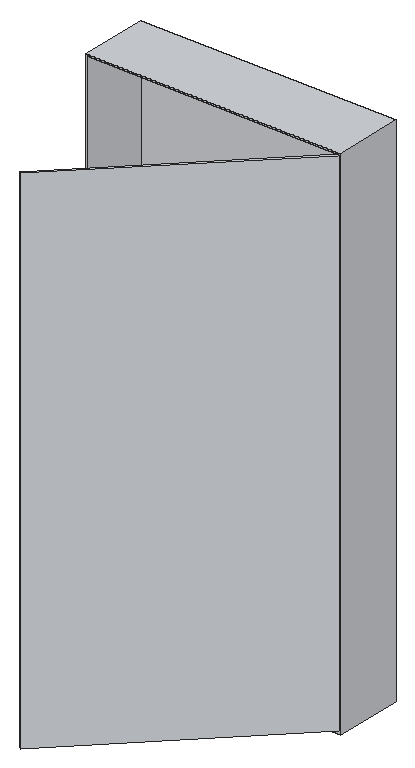
Revit family "Hager-Typ.B_TP&N_250A_Side_Extension_Boxes-empty-NoHosted-UK-en", category Electrical Equipment, Revit 2020
Family settings
  Panel Configuration = Two Columns, Circuits Across
  Round Connector Dimension = Use Diameter
  Part Type = Panelboard
  Work Plane-Based = Yes
  Always vertical = Yes
  Cut with Voids When Loaded = No
  Shared = No
  Room Calculation Point = No
Parameters (values of type "Surface mounted P2XC W465 H950 D124.5 0 Modular spacings - JK208BSF")
  Width Control [instance] = if([HG000006 - Flush mounted], if([EF000846 - Built-in width] > min_whd, [EF000846 - Built-in width], min_whd), if([EF000008 - Width] > min_whd, ([EF000008 - Width]), min_whd))  # 465 mm
  Void Depth [instance] = if([EF000218 - Built-in depth] > 1 mm, [EF000218 - Built-in depth], 1 mm)  # 1 mm
  Type Comments = [HG000003 - Range]  # "Type B TP&N Distribution Boards"
  System Height [instance] = Height Control - 2 * [HG000005 - Thickness]  # 944 mm
  Panel Name [instance] = ""  # (empty or 0)
  Offset [instance] = 0 mm
  Model = [HG000004 - Manufacturer reference]  # "JK208BSF"
  Level Offset [instance] = [Flush Mounted - Door Frame Width] + Offset  # 0 mm
  HG000017 - Distance between poles = 18 mm
  HG000016 - Door 3d visibility [instance] = yes
  HG000015 - Clearance visibility [instance] = no
  HG000014 - Door on the right [instance] = yes
  HG000013 - Door on the left [instance] = not([HG000014 - Door on the right])  # no
  HG000012 - Door swing angle [instance] = 45.00°
  HG000011 - Empty rows from bottom = no
  HG000010 - Asymmetric doors = no
  HG000009 - Double swing door = no
  HG000008 - Number of empty rows = 0
  HG000007 - Number of empty columns = 0
  HG000006 - Flush mounted = no
  HG000005 - Thickness = 3 mm  # constant formula
  HG000004 - Manufacturer reference = "JK208BSF"
  HG000003 - Range = "Type B TP&N Distribution Boards"
  HG000002 - With door or cover = yes
  HG000001 - Number of columns = 0
  EF015941 - Signal passing door = no
  EF015777 - Neutral terminal block = yes
  EF015776 - Earthing terminal block = yes
  EF009212 - Cover model = ""
  EF006306 - With lock = no
  EF006244 - Transparent cover/door = no
  EF005474 - Degree of protection (IP) = "EV009848 - IP2XC"
  EF004462 - Type of closure = "EV000154 - Other"
  EF002950 - Width in number of modular spacings = 0
  EF001596 - Material housing = "EV000179 - Steel"
  EF001134 - DIN-rail = no
  EF001131 - Internal depth = 0 mm
  EF001088 - Extension possible = no
  EF001062 - EMC-version = no
  EF000846 - Built-in width = 0 mm
  EF000339 - Type of cover = "EV004216 - Door"
  EF000332 - Built-in height = 0 mm
  EF000266 - Number of rows = 0
  EF000218 - Built-in depth = 0 mm
  EF000118 - With mounting plate = no
  EF000116 - RAL-number = "7035"
  EF000049 - Depth = 124 mm
  EF000040 - Height = 950 mm
  EF000008 - Width = 465 mm
  EF000007 - Colour = "EV000154 - Other"
  EF000003 - Mounting method = "EV000384 - Surface mounted (plaster)"
  Description = ""
  Default Elevation = 1219.2 mm
  Arrow Offset [instance] = Depth Control / 8  # 15.5 mm
  Arrow Height [instance] = Depth Control - Arrow Offset  # 108.5 mm
  Host Offset [instance] = if([HG000006 - Flush mounted], 0 mm, [EF000049 - Depth])  # 124 mm
  min_whd [instance] = (2 * [HG000005 - Thickness]) + 1 mm  # 7 mm
  Manufacturer = "Hager"  # constant formula
  Height Control [instance] = if([HG000006 - Flush mounted], if([EF000332 - Built-in height] > min_whd, [EF000332 - Built-in height], min_whd), if([EF000040 - Height] > min_whd, ([EF000040 - Height]), min_whd))  # 950 mm
  Flush Mounted - Door Frame Width [instance] = if(([EF000040 - Height] - [EF000332 - Built-in height]) > 0 mm, if([HG000006 - Flush mounted], [EF000040 - Height] - [EF000332 - Built-in height], 0 mm), 0 mm)  # 0 mm
  Depth Control [instance] = if([HG000006 - Flush mounted], if([EF000218 - Built-in depth] > 0 mm, [EF000218 - Built-in depth], 1 mm), if([EF000049 - Depth] > 0 mm, ([EF000049 - Depth]), 1 mm))  # 124 mm
Types (5, lengths in mm): name | System Height | Model | HG000004 - Manufacturer reference | EF015777 - Neutral terminal block | EF015776 - Earthing terminal block | EF005474 - Degree of protection (IP) | EF004462 - Type of closure | EF001596 - Material housing | EF000116 - RAL-number | EF000049 - Depth | EF000040 - Height | EF000007 - Colour | Arrow Offset | Arrow Height | Host Offset | Height Control | Depth Control
  Surface mounted  W465 H1100 D165.5 0 Modular spacings - JK212BSF | 1094 | "JK212BSF" | "JK212BSF" | no | no | "" | "" | "" | "" | 166 | 1100 | "" | 20.75 | 145.25 | 166 | 1100 | 166
  Surface mounted  W465 H1250 D165.5 0 Modular spacings - JK216BSF | 1244 | "JK216BSF" | "JK216BSF" | no | no | "" | "" | "" | "" | 166 | 1250 | "" | 20.75 | 145.25 | 166 | 1250 | 166
  Surface mounted  W465 H1400 D165.5 0 Modular spacings - JK218BSF | 1394 | "JK218BSF" | "JK218BSF" | no | no | "" | "" | "" | "" | 166 | 1400 | "" | 20.75 | 145.25 | 166 | 1400 | 166
  Surface mounted P2XC W465 H1550 D165.5 0 Modular spacings - JK224BSF | 1544 | "JK224BSF" | "JK224BSF" | yes | yes | "EV009848 - IP2XC" | "EV000154 - Other" | "EV000179 - Steel" | "7035" | 166 | 1550 | "EV000154 - Other" | 20.75 | 145.25 | 166 | 1550 | 166
  Surface mounted P2XC W465 H950 D124.5 0 Modular spacings - JK208BSF | 944 | "JK208BSF" | "JK208BSF" | yes | yes | "EV009848 - IP2XC" | "EV000154 - Other" | "EV000179 - Steel" | "7035" | 124 | 950 | "EV000154 - Other" | 15.5 | 108.5 | 124 | 950 | 124
Reference planes
  plane 1 "Center (Front/Back)": y = 0
  plane 2: z = 0
  plane 3 "Center (Left/Right)": x = 0
  plane 4: y = 3
  plane 5: y = 0
  plane 6: y = 0
  plane 7: z = 0
  plane 8: x = -232.5
  plane 9: x = 232.5
  plane 10: x = 229.5
  plane 11: x = -229.5
  plane 12: z = 0
  plane 13: z = 3
  plane 14: y = -119
  plane 15: y = -124
  plane 16: y = -3
  plane 17: z = 947
  plane 18: z = 950
  plane 19: z = 475
  plane 20: x = 0
  plane 21: y = -100
Forms (mm)
  Extrusion 1, solid
    sketch origin (-208.679, -4572, 0) x (-1, 0, 0) y (0, -1, 0)
      loop
        line (23.821, -4448) -> (-441.179, -4448) -> (-441.179, -4572) -> (23.821, -4572) -> (23.821, -4448)
    from 0 to 950 <- "Height Control"
  Extrusion 2, void
    sketch origin (-350.771, -124, 1219.2) x (1, 0, 0) y (0, 0, 1)
      loop
        line (121.271, -272.2) -> (121.271, -1216.2) -> (580.271, -1216.2) -> (580.271, -272.2) -> (121.271, -272.2)
    from 0 to -121
  Extrusion 3, solid, detail levels coarse+medium
    sketch origin (-350.771, -124, 1219.2) x (-1, 0, 0) y (0, 0, 1)
      loop
        line (-121.271, -272.2) -> (-580.271, -272.2) -> (-580.271, -1216.2) -> (-121.271, -1216.2) -> (-121.271, -272.2)
    from 0 to 3 <- "HG000005 - Thickness"
Cuts and joins
  Extrusion 2 cuts Extrusion 1
Dimensions and locks
  "Flush Mounted - Door Frame Width": plane 1 "Center (Front/Back)" to plane 6
  "HG000005 - Thickness": plane 4 to plane 6
  "HG000005 - Thickness": plane 8 to plane 11
  "HG000005 - Thickness": plane 9 to plane 10
  equal spacing: plane 8, plane 3 "Center (Left/Right)", plane 9
  "Width Control": plane 8 to plane 9
  locked: plane 14 to plane 15 at 5
  "Host Offset": plane 1 "Center (Front/Back)" to plane 15
  "Depth Control": plane 5 to plane 15
  "HG000005 - Thickness": plane 5 to plane 16
  "HG000005 - Thickness": plane 13 to plane 12
  "Level Offset": plane 12 to level
  "HG000005 - Thickness": plane 18 to plane 17
  "Height Control": plane 18 to plane 12
  "Arrow Offset": plane 5 to nested 4
  equal spacing: plane 18, plane 19, plane 12
  locked: connector elem to plane 19
  locked: connector elem to plane 3 "Center (Left/Right)"
  aligned and locked: nested 1 to plane 14
  aligned and locked: plane 3 "Center (Left/Right)" to nested 1
  aligned and locked: plane 3 "Center (Left/Right)" to nested 2
  aligned and locked: nested 2 to plane 15
  aligned and locked: plane 5 to Extrusion 1
  aligned and locked: Extrusion 3 sketch curve to plane 17
  aligned and locked: Extrusion 3 sketch curve to plane 11
  aligned and locked: Extrusion 3 sketch curve to plane 13
  aligned and locked: Extrusion 3 sketch curve to plane 10
  aligned and locked: Extrusion 2 sketch curve to plane 13
  aligned and locked: Extrusion 2 sketch curve to plane 10
  aligned and locked: Extrusion 2 sketch curve to plane 17
  aligned and locked: Extrusion 2 sketch curve to plane 11
  aligned and locked: plane 16 to Extrusion 2
  aligned and locked: plane 5 to Extrusion 1 sketch curve
  aligned and locked: plane 9 to Extrusion 1 sketch curve
  aligned and locked: plane 8 to Extrusion 1 sketch curve
  aligned and locked: plane 8 to nested 4
  aligned and locked: plane 8 to nested 3
  aligned and locked: nested 3 to plane 5
  aligned and locked: Extrusion 1 sketch curve to plane 15
  aligned and locked: Extrusion 2 to plane 15
Nested families
  nested 1: "Hager_Enclosure_System" at (0, -119, 3), Flush_Mounted <- "HG000006 - Flush mounted", Width <- "EF000008 - Width", Height <- "System Height", Width_Control <- "Width Control", Row_Module_Multiplicator <- "EF002950 - Width in number of modular spacings", Empty_Columns <- "HG000007 - Number of empty columns", Built-in_Width <- "EF000846 - Built-in width", Border <- "HG000005 - Thickness", Total_No_Empty_Rows <- "HG000008 - Number of empty rows", Depth <- "HG000005 - Thickness", Empty_Rows_From_Bottom <- "HG000011 - Empty rows from bottom", Distance_Between_Poles <- "HG000017 - Distance between poles", Rows_Count <- "EF000266 - Number of rows", Columns_Count <- "HG000001 - Number of columns", type "Hager_Enclosure_System", detail levels medium+fine
    with Width_Control 465 mm, Width 465 mm, Total_No_Rows 0, Total_No_Empty_Rows 0, Total_No_Columns 1, System_Width 459 mm, Rows_Count 0, Rows_Column 0, Row_Module_Multiplicator 0, Panel_4 no, Panel_3 no, Panel_2 no, Panel_1 no, No_Panels_Ctrl 1, Hide_Columns yes, Height 944 mm, Flush_Mounted no, Empty_Rows_From_Bottom no, Empty_Rows_Column 0, Empty_Columns 0, Distance_Between_Poles 18 mm, Depth 3 mm, Columns_Count 0, Column_Width 459 mm, Built-in_Width 0 mm, Border 3 mm
  nested 2: "Hager_Enclosure_Door" at (0, -124, 0), Double <- "HG000009 - Double swing door", Height_Ctrl <- "Height Control", Transparent <- "EF006244 - Transparent cover/door", Depth <- "EF000049 - Depth", Height <- "EF000040 - Height", Angle <- "HG000012 - Door swing angle", Door_Right <- "HG000014 - Door on the right", Assymetrical <- "HG000010 - Asymmetric doors", Flush_Mounted <- "HG000006 - Flush mounted", BuiltIn_Depth <- "EF000218 - Built-in depth", BuiltIn_Width <- "EF000846 - Built-in width", Door <- "HG000002 - With door or cover", Width_Ctrl <- "Width Control", 3d_Door <- "HG000016 - Door 3d visibility", Width <- "EF000008 - Width", Border <- "HG000005 - Thickness", BuiltIn_Height <- "EF000332 - Built-in height", Clearance <- "HG000015 - Clearance visibility", Door_Left <- "HG000013 - Door on the left", type "Hager_Enclosure_Door", detail levels medium+fine
    with min_wh 7 mm, Width_Ctrl 465 mm, Width 465 mm, Transparent_Door_No_Bottom_Border no, Transparent no, Leaf_Width 456 mm, Leaf_Tolerance 1.5 mm, Leaf_Height 941 mm, Leaf_2_Width 456 mm, Leaf_2_Offset 228 mm, Leaf_1_Width 456 mm, Leaf_1_Offset 228 mm, Height_Ctrl 950 mm, Height 950 mm, Frame_Width_Ctrl 465 mm, Frame_Width 465 mm, Frame_Internal_Offset 0 mm, Frame_Height_Ctrl 950 mm, Frame_Height 950 mm, Frame_Depth_Ctrl 1 mm, Frame_Depth 0 mm, Flush_Mounted no, Double_Clearance_Ctrl no, Double no, Door_Right_Ctrl yes, Door_Right yes, Door_Left_Ctrl no, Door_Left no, Door yes, Depth 124 mm, Clearance_Depth 456 mm, Clearance_Ctrl no, Clearance no, BuiltIn_Width 0 mm, BuiltIn_Height 0 mm, BuiltIn_Depth 0 mm, Border 3 mm, Assymetrical no, Angle 45.00°, 3d_Door yes
  nested 3: "Hager_Enclosure_Symbol_Triangle" at (-232.5, 0, 0), Depth <- "Depth Control", Width <- "Width Control", type "Hager_Enclosure_Symbol_Triangle"
    with Width_Ctrl 465 mm, Width 465 mm, Depth_Ctrl 124 mm, Depth 124 mm
  nested 4: "Hager_Enclosure_Symbol_Arrow" at (-232.5, -15.5, 0), Height <- "Arrow Height", type "Hager_Enclosure_Symbol_Arrow"
    with Width_Inside 8.137 mm, Width 97.65 mm, Height_Ctrl 108.5 mm, Height 108.5 mm
Connectors
  electrical at (0, 0, 475)
    settings: on plane 5, index 1, voltage 0 V, apparent load 0 VA, apparent load phase1 0 VA, apparent load phase2 0 VA, apparent load phase3 0 VA, power factor 1, load classification "Other", number of poles 1, system type 30, power factor state 1, is connector primary yes, connector utility no, sub classification motor no, connector description ""
Definition of nested family "Hager_Enclosure_Door"
  Parameters (values of type "Hager_Enclosure_Door")
    min_wh [instance] = (2 * Border) + 1 mm  # 11 mm
    Width_Ctrl [instance] = 400 mm
    Width [instance] = 500 mm
    Transparent_Door_No_Bottom_Border [instance] = no
    Transparent [instance] = yes
    Leaf_Width [instance] = if((Width_Ctrl - 2 * Border - 2 * Leaf_Tolerance) > 0 mm, (Width_Ctrl - 2 * Border - 2 * Leaf_Tolerance), min_wh)  # 387 mm
    Leaf_Tolerance [instance] = 1.5 mm  # constant formula
    Leaf_Height [instance] = if((Height_Ctrl - 2 * Border - 2 * Leaf_Tolerance) > 0 mm, (Height_Ctrl - 2 * Border - 2 * Leaf_Tolerance), min_wh)  # 387 mm
    Leaf_2_Width [instance] = if(and(and(Double, Assymetrical), Door_Left), (Leaf_Width / 3) - (Leaf_Tolerance / 2), if(and(and(Double, Assymetrical), Door_Right), (Leaf_Width / 3) * 2 - (Leaf_Tolerance / 2), if(and(Double, not(Assymetrical)), (Leaf_Width / 2) - Leaf_Tolerance, Leaf_Width)))  # 387 mm
    Leaf_2_Offset [instance] = if(and(Double, Assymetrical), Leaf_2_Width / 2, if(and(Double, not(Assymetrical)), Leaf_Width / 4, Leaf_Width / 2))  # 193.5 mm
    Leaf_1_Width [instance] = if(and(and(Double, Assymetrical), Door_Right), (Leaf_Width / 3) - (Leaf_Tolerance / 2), if(and(and(Double, Assymetrical), Door_Left), (Width / 3) * 2 - (Leaf_Tolerance / 2), if(and(Double, not(Assymetrical)), (Leaf_Width / 2) - Leaf_Tolerance, Leaf_Width)))  # 387 mm
    Leaf_1_Offset [instance] = if(and(Double, Assymetrical), Leaf_1_Width / 2, if(and(Double, not(Assymetrical)), Leaf_Width / 4, Leaf_Width / 2))  # 193.5 mm
    Height_Ctrl [instance] = 400 mm
    Height [instance] = 500 mm
    Frame_Width_Ctrl [instance] = if(Frame_Width > 0 mm, Frame_Width, 1 mm)  # 1 mm
    Frame_Width [instance] = Width - BuiltIn_Width  # 0 mm
    Frame_Internal_Offset [instance] = if(Flush_Mounted, Border, 0 mm)  # 5 mm
    Frame_Height_Ctrl [instance] = if(Frame_Height > 0 mm, Frame_Height, 1 mm)  # 1 mm
    Frame_Height [instance] = Height - BuiltIn_Height  # 0 mm
    Frame_Depth_Ctrl [instance] = if(Frame_Depth > 0 mm, Frame_Depth, 1 mm)  # 1 mm
    Frame_Depth [instance] = if(Depth - BuiltIn_Depth > 0 mm, if(Flush_Mounted, Depth - BuiltIn_Depth, 0 mm), 0 mm)  # 0 mm
    Flush_Mounted [instance] = yes
    Double_Clearance_Ctrl [instance] = and(Double, Clearance)  # no
    Double [instance] = no
    Door_Right_Ctrl [instance] = and(or(Door_Right, Double), Door)  # yes
    Door_Right [instance] = yes
    Door_Left_Ctrl [instance] = and(or(Door_Left, Double), Door)  # no
    Door_Left [instance] = no
    Door [instance] = yes
    Depth [instance] = 500 mm
    Default Elevation = 1219.2 mm
    Clearance_Material = none
    Clearance_Depth [instance] = if(Leaf_1_Width > Leaf_2_Width, Leaf_1_Width, Leaf_2_Width)  # 387 mm
    Clearance_Ctrl [instance] = and(not(Double), Clearance)  # yes
    Clearance [instance] = yes
    BuiltIn_Width [instance] = 500 mm
    BuiltIn_Height [instance] = 500 mm
    BuiltIn_Depth [instance] = 500 mm
    Border [instance] = 5 mm
    Assymetrical [instance] = yes
    Angle [instance] = 30.00°
    3d_Door [instance] = yes
  Reference planes
    plane 1 "Center (Front/Back)": y = 0
    plane 2 "Bottom": z = 0
    plane 3 "Center (Left/Right)": x = 0
    plane 4: z = 400
    plane 5: x = -200
    plane 6: x = 200
    plane 7: z = 395
    plane 8: x = -195
    plane 9: z = 5
    plane 10: x = 195
    plane 11: y = 0
    plane 12: z = 6.5
    plane 13: x = -582
    plane 14: y = -387
    plane 15: x = 582
    plane 16: x = 0
    plane 17: x = 0
    plane 18: x = -193.5
    plane 19: x = 193.5
    plane 20: z = 393.5
  Forms (mm)
    Extrusion 1, solid, visible <- "Flush_Mounted"
      sketch origin (0, 0, 0) x (1, 0, 0) y (0, 0, 1)
        loop
          line (195, 5) -> (195, 395) -> (-195, 395) -> (-195, 5) -> (195, 5)
        loop
          line (-201, 401) -> (-201, -1) -> (201, -1) -> (201, 401) -> (-201, 401)
      from 0 to 1 <- "Frame_Depth_Ctrl"
    Extrusion 2, solid, material <- "Clearance_Material", visible <- "Double_Clearance_Ctrl"
      sketch origin (1200, 0, 0) x (1, 0, 0) y (0, 0, -1)
        loop
          line (-1782, -393.5) -> (-618, -393.5) -> (-618, 0) -> (-1782, 0) -> (-1782, -393.5)
      from 0 to -387
  Dimensions and locks
    equal spacing: plane 5, plane 3 "Center (Left/Right)", plane 6
    "Width_Ctrl": plane 5 to plane 6
    "Border": plane 5 to plane 8
    "Border": plane 6 to plane 10
    "Border": plane 9 to level
    "Border": plane 4 to plane 7
    "Height_Ctrl": plane 4 to level
    "Leaf_Tolerance": plane 12 to plane 9
    "Frame_Depth": plane 11 to plane 1 "Center (Front/Back)"
    "Frame_Width_Ctrl": plane 5 to Extrusion 1 sketch curve
    "Frame_Width_Ctrl": plane 6 to Extrusion 1 sketch curve
    "Frame_Width_Ctrl": Extrusion 1 sketch curve to plane 4
    "Frame_Width_Ctrl": plane 2 "Bottom" to Extrusion 1 sketch curve
    "Leaf_1_Offset": plane 18 to plane 16
    "Leaf_2_Offset": plane 17 to plane 19
    "Leaf_1_Width": plane 13 to plane 8
    "Leaf_2_Width": plane 10 to plane 15
    "Clearance_Depth": plane 14 to plane 1 "Center (Front/Back)"
    "Leaf_Tolerance": plane 8 to plane 18
    "Leaf_Tolerance": plane 19 to plane 10
    "Leaf_Tolerance": plane 7 to plane 20
    "Frame_Internal_Offset": plane 5 to Extrusion 1 sketch curve
    "Frame_Internal_Offset": Extrusion 1 sketch curve to plane 2 "Bottom"
    "Frame_Internal_Offset": plane 6 to Extrusion 1 sketch curve
    "Frame_Internal_Offset": plane 4 to Extrusion 1 sketch curve
    aligned and locked: level to plane 2 "Bottom"
    aligned and locked: nested 1 to plane 16
    aligned and locked: nested 2 to plane 17
    aligned and locked: Extrusion 2 to plane 13
    aligned and locked: plane 15 to Extrusion 2
    aligned and locked: Extrusion 2 to plane 14
    aligned and locked: plane 12 to nested 1
    aligned and locked: nested 2 to plane 12
    aligned and locked: Extrusion 2 to plane 11
    aligned and locked: plane 20 to Extrusion 2
    aligned and locked: nested 2 to plane 11
    aligned and locked: nested 1 to plane 11
  Automatic sketch dimensions
    Extrusion 2 sketch curve to level = 0 mm
    plane 5 to Extrusion 2 sketch curve = 382 mm
    plane 6 to Extrusion 2 sketch curve = 382 mm
    Extrusion 2 sketch curve to plane 4 = 6.5 mm
  Nested families
    nested 1: "Hager_Enclosure_Door_Leaf" at (0, 0, 6.5), Width <- "Leaf_1_Width", visible <- "Door_Left_Ctrl", Leaf_Height <- "Leaf_Height", Angle <- "Angle", Depth <- "Border", 3d_Door <- "3d_Door", Transparent <- "Transparent", Clearance Material <- "Clearance_Material", Clearance <- "Clearance_Ctrl", Transparent_Door_No_Bottom_Border <- "Transparent_Door_No_Bottom_Border", type "Hager_Enclosure_Door_Leaf"
      with Width 387 mm, Transparent_Door_No_Bottom_Border no, Transparent_Door_Border_Bottom_Top 25 mm, Transparent_Door_Border 25 mm, Transparent_Ctrl yes, Transparent yes, Standard no, Leaf_Height 387 mm, Glass_Offset 1 mm, Depth 5 mm, Clearance Material none, Clearance yes, Angle_Ctrl 30.00°, Angle 30.00°, 3d_Door yes
    nested 2: "Hager_Enclosure_Door_Leaf" at (0, 0, 6.5) x (-1, 0, 0) z (0, 0, 1), Width <- "Leaf_2_Width", visible <- "Door_Right_Ctrl", Leaf_Height <- "Leaf_Height", Angle <- "Angle", Depth <- "Border", 3d_Door <- "3d_Door", Transparent <- "Transparent", Clearance Material <- "Clearance_Material", Clearance <- "Clearance_Ctrl", Transparent_Door_No_Bottom_Border <- "Transparent_Door_No_Bottom_Border", type "Hager_Enclosure_Door_Leaf"
      with Width 387 mm, Transparent_Door_No_Bottom_Border no, Transparent_Door_Border_Bottom_Top 25 mm, Transparent_Door_Border 25 mm, Transparent_Ctrl yes, Transparent yes, Standard no, Leaf_Height 387 mm, Glass_Offset 1 mm, Depth 5 mm, Clearance Material none, Clearance yes, Angle_Ctrl 30.00°, Angle 30.00°, 3d_Door yes
  Definition of nested family "Hager_Enclosure_Door_Leaf"
    Parameters (values of type "Hager_Enclosure_Door_Leaf")
      Width [instance] = 2000 mm
      Transparent_Door_No_Bottom_Border [instance] = yes
      Transparent_Door_Border_Bottom_Top [instance] = if(Transparent_Door_No_Bottom_Border, 0.1 mm, Transparent_Door_Border)  # 0.1 mm
      Transparent_Door_Border [instance] = if(Transparent_Door_No_Bottom_Border, (Width * 0.12), 25 mm)  # 240 mm
      Transparent_Ctrl [instance] = and(Transparent, [3d_Door])  # yes
      Transparent [instance] = yes
      Standard [instance] = and(not(Transparent), [3d_Door])  # no
      Leaf_Height [instance] = 2720.336 mm
      Glass_Offset [instance] = if((Depth - 10 mm) / 2 > 0 mm, (Depth - 10 mm) / 2, 1 mm)  # 15 mm
      Glass_Material = none
      Depth [instance] = 40 mm
      Default Elevation = 0 mm
      Clearance Material [instance] = none
      Clearance [instance] = yes
      Angle_Ctrl [instance] = if(Angle > 170.00°, 170.00°, Angle)  # 45.00°
      Angle [instance] = 45.00°
      3d_Door [instance] = yes
    Reference planes
      plane 1 "Center (Front/Back)": y = 0
      plane 2: z = 0
      plane 3 "Center (Left/Right)": x = 0
      plane 4: y = 2000
      plane 5: x = -1000
      plane 6: x = 1000
      plane 7: x = -3000
      plane 8: z = 2720.336
      plane 9: z = 0.1
      plane 10: z = 2720.236
      plane 11: x = 760
      plane 12: x = -760
    Forms (mm)
      Extrusion 1, solid, material <- "Clearance Material", visible <- "Clearance"
        sketch origin (0, 0, 0) x (1, 0, 0) y (0, 0, 1)
          loop
            line (-3000, 2720.336) -> (-3000, 0) -> (1000, 0) -> (1000, 2720.336) -> (-3000, 2720.336)
        from 0 to -2000
      Extrusion 2, solid, visible <- "Standard", detail levels medium+fine
        sketch origin (-1000, 0, 0) x (0.707107, 0.707107, 0) y (-0.707107, 0.707107, 0)
          loop
            line (0, -40) -> (2000, -40) -> (2000, 0) -> (0, 0) -> (0, -40)
        from 0 to 2720.336 <- "Leaf_Height"
      Extrusion 3, solid, visible <- "Transparent_Ctrl", detail levels medium+fine
        sketch origin (-1000, 0, 0) x (0.707107, 0.707107, 0) y (-0.707107, 0.707107, 0)
          loop
            line (0, -40) -> (2000, -40) -> (2000, 0) -> (0, 0) -> (0, -40)
        from 0 to 2720.336 <- "Leaf_Height"
      Extrusion 4, void, detail levels medium+fine
        sketch origin (-1000, 0, 0) x (-0.707107, 0.707107, 0) y (0.707107, 0.707107, 0)
          loop
            line (0, 240) -> (0, 1760) -> (-40, 1760) -> (-40, 240) -> (0, 240)
        from -2720.236 to -0.1
      Extrusion 5, solid, material <- "Glass_Material", visible <- "Transparent_Ctrl", detail levels medium+fine
        sketch origin (-1000, 0, 0) x (0.707107, 0.707107, 0) y (-0.707107, 0.707107, 0)
          loop
            line (240, -15) -> (240, -25) -> (1760, -25) -> (1760, -15) -> (240, -15)
        from 0.1 to 2720.236
    Cuts and joins
      Extrusion 4 cuts Extrusion 3
    Lines and regions (mm)
      symbolic lines
        curve 1: line (1000, 0, 0) -> (-3000, 0, 0)
        curve 2: arc (1000, 0, 0) -> (-1000, 2000, 0) -> (-3000, 0, 0) r 2000
        curve 4: line (-1000, 0, 0) -> (414.214, 1414.214, 0)
      reference lines
        curve 3: line (-1000, 0, 0) -> (414.214, 1414.214, 0)
      symbolic lines, detail levels medium+fine
        curve 5: line (414.214, 1414.214, 0) -> (442.498, 1385.929, 0)
        curve 6: line (442.498, 1385.929, 0) -> (-971.716, -28.284, 0)
        curve 7: line (-971.716, -28.284, 0) -> (-1000, 0, 0)
        curve 8: line (-1000, 0, 2720.336) -> (1000, 0, 2720.336)
        curve 9: line (-1000, 0, 0) -> (-1000, 0, 2720.336)
        curve 10: line (1000, 0, 0) -> (-1000, 0, 0)
        curve 11: line (1000, 0, 2720.336) -> (1000, 0, 0)
      symbolic lines, visible <- "Transparent_Ctrl", detail levels medium+fine
        curve 12: line (-760, 0, 2720.236) -> (760, 0, 2720.236)
        curve 13: line (-760, 0, 0.1) -> (-760, 0, 2720.236)
        curve 14: line (760, 0, 0.1) -> (-760, 0, 0.1)
        curve 15: line (760, 0, 2720.236) -> (760, 0, 0.1)
    Dimensions and locks
      "Width": plane 1 "Center (Front/Back)" to plane 4
      equal spacing: plane 5, plane 3 "Center (Left/Right)", plane 6
      "Width": plane 5 to plane 6
      "Width": plane 7 to plane 5
      "Leaf_Height": plane 8 to level
      "Depth": curve 6 to curve 3
      "Width": curve 5 to curve 3
      "Width": curve 3 to curve 3
      "Transparent_Door_Border": Extrusion 4 sketch curve to curve 7
      "Transparent_Door_Border": Extrusion 4 sketch curve to curve 5
      "Transparent_Door_Border_Bottom_Top": plane 8 to plane 10
      "Transparent_Door_Border_Bottom_Top": plane 9 to level
      "Glass_Offset": Extrusion 5 sketch curve to curve 4
      "Glass_Offset": Extrusion 5 sketch curve to curve 6
      "Transparent_Door_Border": Extrusion 5 sketch curve to curve 5
      "Transparent_Door_Border": Extrusion 5 sketch curve to curve 7
      "Transparent_Door_Border": plane 12 to plane 5
      "Transparent_Door_Border": plane 6 to plane 11
      "Angle_Ctrl": angle plane 1 "Center (Front/Back)" to curve 3
      aligned and locked: level to plane 2
      aligned and locked: Extrusion 1 to curve 1
      aligned and locked: plane 6 to Extrusion 1
      aligned and locked: Extrusion 1 to plane 1 "Center (Front/Back)"
      aligned and locked: plane 4 to Extrusion 1
      aligned and locked: plane 8 to Extrusion 1
      aligned and locked: curve 4 to curve 3
      aligned and locked: Extrusion 2 sketch curve to curve 7
      aligned and locked: Extrusion 2 sketch curve to curve 6
      aligned and locked: Extrusion 2 sketch curve to curve 5
      aligned and locked: Extrusion 2 sketch curve to curve 3
      aligned and locked: curve 7 to Extrusion 3 sketch curve
      aligned and locked: Extrusion 3 sketch curve to curve 4
      aligned and locked: Extrusion 3 sketch curve to curve 6
      aligned and locked: Extrusion 3 sketch curve to curve 5
      aligned and locked: curve 4 to Extrusion 4 sketch curve
      aligned and locked: curve 6 to Extrusion 4 sketch curve
      aligned and locked: Extrusion 4 to plane 9
      aligned and locked: Extrusion 4 to plane 10
      aligned and locked: Extrusion 5 to plane 9
      aligned and locked: Extrusion 5 to plane 10
      aligned and locked: curve 8 to plane 8
      aligned and locked: plane 5 to curve 9
      aligned and locked: plane 2 to curve 10
      aligned and locked: curve 11 to plane 6
      aligned and locked: plane 10 to curve 12
      aligned and locked: plane 12 to curve 13
      aligned and locked: curve 14 to plane 9
      aligned and locked: plane 11 to curve 15
    Automatic sketch dimensions
      plane 1 "Center (Front/Back)" to curve 2 = 0 mm
      curve 2 to plane 5 = 0 mm
      Extrusion 1 sketch curve to level = 0 mm
      Extrusion 1 sketch curve to plane 7 = 0 mm
      Extrusion 1 sketch curve to plane 6 = 0 mm
      Extrusion 1 sketch curve to plane 8 = 0 mm
      plane 1 "Center (Front/Back)" to curve 3 = 0 mm
      curve 3 to plane 5 = 0 mm
      curve 7 to curve 3 = 0 mm
Definition of nested family "Hager_Enclosure_Symbol_Triangle"
  Parameters (values of type "Hager_Enclosure_Symbol_Triangle")
    Width_Ctrl [instance] = if(Width > 1 mm, Width, 1 mm)  # 498 mm
    Width [instance] = 498 mm
    Depth_Ctrl [instance] = if(Depth > 1 mm, Depth, 1 mm)  # 72 mm
    Depth [instance] = 72 mm
  Reference planes
    plane 1 "Centre (avant/arrière)": y = 0
    plane 2: z = 0
    plane 3 "Centre (gauche/droite)": x = 0
  Lines and regions (mm)
    Filled region 1, type "Solid_Black", in view "Niveau de réf."
      outline origin (0, 0, 0) x (1, 0, 0) y (0, 1, 0)
        loop
          line (0, 0) -> (498, 0) -> (498, 72) -> (0, 0)
    reference lines, in view "Niveau de réf."
      curve 1: line (-206.153, 72, 0) -> (1083.258, 72, 0)
      curve 2: line (498, 405.456, 0) -> (498, -517.619, 0)
  Dimensions and locks
    "Depth_Ctrl": plane 1 "Centre (avant/arrière)" to curve 1
    "Width_Ctrl": plane 3 "Centre (gauche/droite)" to curve 2
    aligned and locked: curve 1 to Filled region 1 sketch curve
    aligned and locked: Filled region 1 sketch curve to plane 1 "Centre (avant/arrière)"
    aligned and locked: curve 2 to Filled region 1 sketch curve
    aligned and locked: plane 3 "Centre (gauche/droite)" to Filled region 1 sketch curve
    aligned and locked: plane 1 "Centre (avant/arrière)" to Filled region 1 sketch curve
  Automatic sketch dimensions
    curve 1 to plane 3 "Centre (gauche/droite)" = 206.153 mm
    curve 2 to curve 1 = 585.258 mm
    plane 1 "Centre (avant/arrière)" to curve 2 = 517.619 mm
    curve 2 to plane 1 "Centre (avant/arrière)" = 405.456 mm
Definition of nested family "Hager_Enclosure_Symbol_Arrow"
  Parameters (values of type "Hager_Enclosure_Symbol_Arrow")
    Width_Inside [instance] = if(Width / 12 > 2 mm, Width / 12, 2 mm)  # 4.987 mm
    Width [instance] = if(Height_Ctrl * 0.9 > 2 mm, Height_Ctrl * 0.9, 2 mm)  # 59.85 mm
    Height_Ctrl [instance] = if(Height > 2 mm, Height, 2 mm)  # 66.5 mm
    Height [instance] = 66.5 mm
  Reference planes
    plane 1 "Centre (avant/arrière)": y = 0
    plane 2: z = 0
    plane 3 "Centre (gauche/droite)": x = 0
    plane 4: x = 59.85
    plane 5: y = 28.263
    plane 6: y = 38.238
    plane 7: y = 66.5
    plane 8: x = 29.925
    plane 9: y = 33.25
  Lines and regions (mm)
    Filled region 1, type "Solid_Black", in view "Niveau de réf."
      outline origin (0, 0, 0) x (1, 0, 0) y (0, 1, 0)
        loop
          line (59.85, 66.5) -> (37.929, 52.827) -> (51.846, 41.935) -> (59.85, 66.5)
    detail lines, in view "Niveau de réf."
      curve 1: line (0, 0, 0) -> (29.925, 38.238, 0)
      curve 2: line (29.925, 38.238, 0) -> (29.925, 28.263, 0)
      curve 3: line (29.925, 28.263, 0) -> (59.85, 66.5, 0)
  Dimensions and locks
    "Width": plane 3 "Centre (gauche/droite)" to plane 4
    "Height_Ctrl": plane 7 to plane 1 "Centre (avant/arrière)"
    equal spacing: plane 3 "Centre (gauche/droite)", plane 8, plane 4
    equal spacing: plane 7, plane 9, plane 1 "Centre (avant/arrière)"
    equal spacing: plane 6, plane 9, plane 5
    "Width_Inside": plane 6 to plane 9
    equal spacing: curve 3, Filled region 1 sketch curve, Filled region 1 sketch curve
    angle Filled region 1 sketch curve to curve 3 = 20.00°
    angle curve 3 to Filled region 1 sketch curve = 20.00°
    locked: curve 3 to Filled region 1 sketch curve (angle 90.00°)
  Automatic sketch dimensions
    plane 1 "Centre (avant/arrière)" to curve 1 = 0 mm
    curve 1 to plane 3 "Centre (gauche/droite)" = 0 mm
    curve 2 to plane 6 = 0 mm
    curve 3 to plane 8 = 0 mm
    curve 3 to plane 4 = 0 mm
    curve 2 to plane 5 = 0 mm
    curve 3 to plane 7 = 0 mm
    Filled region 1 sketch curve to plane 4 = 0 mm
    Filled region 1 sketch curve to plane 7 = 0 mm
